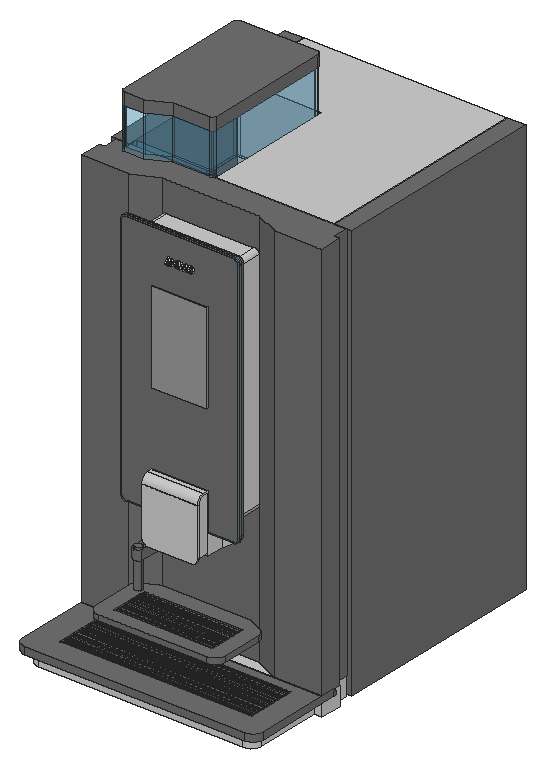
Revit family "QF_Animo_OPTIBEANTOUCH", category Specialty Equipment, Revit 2014
Parameters (values of type "19004906")
  URL = ""
  Show Clearance [instance] = yes
  Model = ""
  Manufacturer = ""
  Description = ""
  Assembly Code = "E1090320"
Types (2, lengths in mm): name | URL | Model | Manufacturer | Description
  19004906 | "" | "" | "" | ""
  1004906 | "www.animo.eu" | "1004906.000000000000" | "ANIMO" | "OPTIBEAN 3 TOUCH INSTANT COFFEE VENDING MACHINE"
Reference planes
  plane 1 "Back": y = 0
  plane 2: z = 0
  plane 3 "Left": x = 0
  plane 4 "Right": x = 402
  plane 5 "Front": y = -565
  plane 6 "Top": z = 703.685
Forms (mm)
  Extrusion 1, solid
    sketch origin (-500, 0, 0) x (1, 0, 0) y (0, 1, 0)
      loop
        line (500, -390.191) -> (500, -425.191) -> (579.446, -425.191) -> (619.2, -406.011) -> (781.2, -406.011) -> (822.554, -425.191) -> (902, -425.191) -> (902, -390.191) -> (899.784, -387.975) -> (894.784, -387.975) -> (892.8, -385.991) -> (892.8, -362.601) -> (509.2, -362.601) -> (509.2, -385.991) -> (507.216, -387.975) -> (502.216, -387.975) -> (500, -390.191)
    from 34.648 to 703.685
  Extrusion 2, solid
    sketch origin (-498.603, 0, 0) x (1, 0, 0) y (0, 1, 0)
      loop
        line (529.403, -362.4) -> (529.403, 0) -> (498.603, 0) -> (498.603, -362.4) -> (529.403, -362.4)
      loop
        line (900.603, -362.4) -> (900.603, 0) -> (869.803, 0) -> (869.803, -362.4) -> (900.603, -362.4)
    from 7.785 to 703.685
  Extrusion 3, solid
    sketch origin (-498.603, 0, 0) x (1, 0, 0) y (0, 1, 0)
      loop
        line (529.403, 0) -> (529.403, -140) -> (672.603, -140) -> (672.603, -362.1) -> (869.803, -362.1) -> (869.803, 0) -> (529.403, 0)
    from 703.685 to 75.731
  Extrusion 4, solid
    sketch origin (-498.603, -3.434, 0) x (1, 0, 0) y (0, 1, 0)
      loop
        arc (671.824, -143.963) -> (669.92, -139.365) -> (665.322, -137.461) r 6.502
        line (665.322, -137.461) -> (536.997, -137.461)
        arc (536.997, -137.461) -> (532.399, -139.365) -> (530.495, -143.963) r 6.502
        line (530.495, -143.963) -> (530.495, -351.665)
        arc (530.495, -351.665) -> (532.399, -356.262) -> (536.997, -358.167) r 6.502
        line (536.997, -358.167) -> (665.322, -358.167)
        arc (665.322, -358.167) -> (669.92, -356.262) -> (671.824, -351.665) r 6.502
        line (671.824, -351.665) -> (671.824, -143.963)
      loop
        arc (536.997, -142.461) -> (535.935, -142.901) -> (535.495, -143.963) r 1.502
        line (535.495, -143.963) -> (535.495, -351.665)
        arc (535.495, -351.665) -> (535.935, -352.727) -> (536.997, -353.167) r 1.502
        line (536.997, -353.167) -> (665.322, -353.167)
        arc (665.322, -353.167) -> (666.384, -352.727) -> (666.824, -351.665) r 1.502
        line (666.824, -351.665) -> (666.824, -143.963)
        arc (666.824, -143.963) -> (666.384, -142.901) -> (665.322, -142.461) r 1.502
        line (665.322, -142.461) -> (536.997, -142.461)
    from 703.685 to 591.789
  Extrusion 5, solid
    sketch origin (-498.603, -3.434, 703.685) x (1, 0, 0) y (0, 1, 0)
      loop
        arc (671.824, -143.963) -> (669.92, -139.365) -> (665.322, -137.461) r 6.502
        line (665.322, -137.461) -> (536.997, -137.461)
        arc (536.997, -137.461) -> (532.399, -139.365) -> (530.495, -143.963) r 6.502
        line (530.495, -143.963) -> (530.495, -374.06)
        arc (530.495, -374.06) -> (532.399, -378.657) -> (536.997, -380.562) r 6.502
        line (536.997, -380.562) -> (570.005, -380.562) -> (604.145, -363.167) -> (665.322, -363.167)
        arc (665.322, -363.167) -> (669.92, -361.262) -> (671.824, -356.665) r 6.502
        line (671.824, -356.665) -> (671.824, -143.963)
      loop
        arc (536.997, -142.461) -> (535.935, -142.901) -> (535.495, -143.963) r 1.502
        line (535.495, -143.963) -> (535.495, -351.665)
        arc (535.495, -351.665) -> (535.935, -352.727) -> (536.997, -353.167) r 1.502
        line (536.997, -353.167) -> (665.322, -353.167)
        arc (665.322, -353.167) -> (666.384, -352.727) -> (666.824, -351.665) r 1.502
        line (666.824, -351.665) -> (666.824, -143.963)
        arc (666.824, -143.963) -> (666.384, -142.901) -> (665.322, -142.461) r 1.502
        line (665.322, -142.461) -> (536.997, -142.461)
    from 0 to 5
  Extrusion 6, solid
    sketch origin (-498.603, -3.434, 708.685) x (1, 0, 0) y (0, 1, 0)
      loop
        arc (671.824, -143.963) -> (669.92, -139.365) -> (665.322, -137.461) r 6.502
        line (665.322, -137.461) -> (536.997, -137.461)
        arc (536.997, -137.461) -> (532.399, -139.365) -> (530.495, -143.963) r 6.502
        line (530.495, -143.963) -> (530.495, -374.06)
        arc (530.495, -374.06) -> (532.399, -378.657) -> (536.997, -380.562) r 6.502
        line (536.997, -380.562) -> (570.005, -380.562) -> (604.145, -363.167) -> (665.322, -363.167)
        arc (665.322, -363.167) -> (669.92, -361.262) -> (671.824, -356.665) r 6.502
        line (671.824, -356.665) -> (671.824, -143.963)
      loop
        arc (536.997, -142.461) -> (535.935, -142.901) -> (535.495, -143.963) r 1.502
        line (535.495, -143.963) -> (535.495, -374.06)
        arc (535.495, -374.06) -> (535.935, -375.122) -> (536.997, -375.562) r 1.502
        line (536.997, -375.562) -> (568.805, -375.562) -> (602.945, -358.167) -> (665.322, -358.167)
        arc (665.322, -358.167) -> (666.384, -357.727) -> (666.824, -356.665) r 1.502
        line (666.824, -356.665) -> (666.824, -143.963)
        arc (666.824, -143.963) -> (666.384, -142.901) -> (665.322, -142.461) r 1.502
        line (665.322, -142.461) -> (536.997, -142.461)
    from 0 to 65.1
  Extrusion 7, solid
    sketch origin (-498.603, -3.434, 773.785) x (1, 0, 0) y (0, 1, 0)
      loop
        arc (671.824, -143.963) -> (669.92, -139.365) -> (665.322, -137.461) r 6.502
        line (665.322, -137.461) -> (536.997, -137.461)
        arc (536.997, -137.461) -> (532.399, -139.365) -> (530.495, -143.963) r 6.502
        line (530.495, -143.963) -> (530.495, -374.06)
        arc (530.495, -374.06) -> (532.399, -378.657) -> (536.997, -380.562) r 6.502
        line (536.997, -380.562) -> (570.005, -380.562) -> (604.145, -363.167) -> (665.322, -363.167)
        arc (665.322, -363.167) -> (669.92, -361.262) -> (671.824, -356.665) r 6.502
        line (671.824, -356.665) -> (671.824, -143.963)
    from 0 to 20
  Extrusion 8, solid
    sketch origin (-500, 0, 0) x (1, 0, 0) y (0, 0, 1)
      loop
        line (773.2, 652.585) -> (627.2, 652.585)
        arc (627.2, 652.585) -> (621.543, 650.242) -> (619.2, 644.585) r 8
        line (619.2, 644.585) -> (619.2, 270.585)
        arc (619.2, 270.585) -> (621.543, 264.928) -> (627.2, 262.585) r 8
        line (627.2, 262.585) -> (773.2, 262.585)
        arc (773.2, 262.585) -> (778.857, 264.928) -> (781.2, 270.585) r 8
        line (781.2, 270.585) -> (781.2, 644.585)
        arc (781.2, 644.585) -> (778.857, 650.242) -> (773.2, 652.585) r 8
    from 406.011 to 459.991
  Extrusion 9, solid
    sketch origin (-500, 0, 0) x (1, 0, 0) y (0, 1, 0)
      loop
        line (753.079, -406.011) -> (647.321, -406.011) -> (647.321, -420.491) -> (653.093, -442.034) -> (653.574, -469.58) -> (746.826, -469.58) -> (747.307, -442.034) -> (753.079, -420.491) -> (753.079, -406.011)
    from 210.236 to 306.931
  Extrusion 10, solid
    sketch origin (-500, -489.133, -0.533) x (1, 0, 0) y (0, 0, 1)
      loop
        line (653.574, 295.466) -> (653.574, 214.245)
        arc (653.574, 214.245) -> (656.508, 207.162) -> (663.591, 204.228) r 10.017
        line (663.591, 204.228) -> (736.809, 204.228)
        arc (736.809, 204.228) -> (743.892, 207.162) -> (746.826, 214.245) r 10.017
        line (746.826, 214.245) -> (746.826, 295.466) -> (653.574, 295.466)
    from 0 to 2
  Extrusion 11, solid
    sketch origin (-500, 0, -0.533) x (0, 1, 0) y (0, 0, 1)
      loop
        arc (-479.135, 307.464) -> (-487.619, 303.95) -> (-491.133, 295.466) r 11.998
        line (-491.133, 295.466) -> (-489.133, 295.466)
        arc (-489.133, 295.466) -> (-486.205, 302.536) -> (-479.135, 305.464) r 9.998
        line (-479.135, 305.464) -> (-469.58, 305.464) -> (-469.58, 307.464) -> (-479.135, 307.464)
    from 653.574 to 746.826
  Extrusion 12, solid
    sketch origin (0, 0, 0) x (0, 1, 0) y (0, 0, 1)
      loop
        line (-489.133, 214.245) -> (-469.58, 214.245) -> (-469.58, 304.931) -> (-479.135, 304.931)
        arc (-479.135, 304.931) -> (-486.205, 302.002) -> (-489.133, 294.932) r 9.998
        line (-489.133, 294.932) -> (-489.133, 214.245)
    from 246.467 to 153.574
  Extrusion 13, solid
    sketch origin (-500, 0, 0) x (1, 0, 0) y (0, 0, 1)
      loop
        arc (610.2, 669.585) -> (605.25, 667.535) -> (603.2, 662.585) r 7
        line (603.2, 662.585) -> (603.2, 252.585)
        arc (603.2, 252.585) -> (605.25, 247.636) -> (610.2, 245.585) r 7
        line (610.2, 245.585) -> (654.259, 245.585) -> (654.259, 307.464) -> (746.141, 307.464) -> (746.141, 245.585) -> (790.2, 245.585)
        arc (790.2, 245.585) -> (795.15, 247.636) -> (797.2, 252.585) r 7
        line (797.2, 252.585) -> (797.2, 662.585)
        arc (797.2, 662.585) -> (795.15, 667.535) -> (790.2, 669.585) r 7
        line (790.2, 669.585) -> (610.2, 669.585)
    from 459.991 to 469.566
  Extrusion 14, solid
    sketch origin (-500, -120, 0) x (1, 0, 0) y (0, 0, 1)
      loop
        line (610.2, 669.585) -> (790.2, 669.585)
        arc (790.2, 669.585) -> (795.15, 667.535) -> (797.2, 662.585) r 7
        line (797.2, 662.585) -> (797.2, 252.585)
        arc (797.2, 252.585) -> (795.15, 247.636) -> (790.2, 245.585) r 7
        line (790.2, 245.585) -> (746.141, 245.585) -> (746.141, 242.585) -> (790.2, 242.585)
        arc (790.2, 242.585) -> (797.271, 245.514) -> (800.2, 252.585) r 10
        line (800.2, 252.585) -> (800.2, 662.585)
        arc (800.2, 662.585) -> (797.271, 669.656) -> (790.2, 672.585) r 10
        line (790.2, 672.585) -> (610.2, 672.585)
        arc (610.2, 672.585) -> (603.129, 669.656) -> (600.2, 662.585) r 10
        line (600.2, 662.585) -> (600.2, 252.585)
        arc (600.2, 252.585) -> (603.129, 245.514) -> (610.2, 242.585) r 10
        line (610.2, 242.585) -> (654.259, 242.585) -> (654.259, 245.585) -> (610.2, 245.585)
        arc (610.2, 245.585) -> (605.25, 247.636) -> (603.2, 252.585) r 7
        line (603.2, 252.585) -> (603.2, 662.585)
        arc (603.2, 662.585) -> (605.25, 667.535) -> (610.2, 669.585) r 7
    from 345 to 349.566
  Extrusion 15, solid
    sketch origin (-500, -469.566, 0) x (1, 0, 0) y (0, 0, 1)
      loop
        line (654.7, 582.585) -> (654.7, 430.585) -> (745.7, 430.585) -> (745.7, 582.585) -> (654.7, 582.585)
    from 0 to 2
  Extrusion 16, solid, visible <- "Show Clearance"
    sketch origin (-500, -469.566, 0) x (1, 0, 0) y (0, 0, 1)
      loop
        line (676.45, 623.922) -> (677.642, 623.922) -> (681.258, 631.675) -> (684.681, 623.922) -> (686.065, 623.922) -> (681.258, 635.2) -> (676.45, 623.922)
      loop
        line (686.987, 623.922) -> (688.064, 623.922) -> (688.064, 630.993) -> (695.136, 623.922) -> (696.273, 623.922) -> (696.273, 634.164) -> (695.136, 634.164) -> (695.136, 625.946) -> (686.987, 634.095) -> (686.987, 623.922)
      loop
        line (698.118, 634.164) -> (698.118, 623.922) -> (699.253, 623.922) -> (699.253, 634.164) -> (698.118, 634.164)
      loop
        line (700.762, 623.922) -> (701.883, 623.922) -> (703.255, 631.701) -> (706.885, 623.186) -> (710.143, 630.829) -> (711.571, 623.922) -> (712.691, 623.922) -> (710.574, 634.164) -> (709.453, 634.164) -> (706.622, 627.522) -> (703.689, 634.164) -> (702.568, 634.164) -> (700.762, 623.922)
      loop
        circle (718.601, 629.021) r 5.143
      loop
        circle (718.601, 629.021) r 4.034
      loop
        circle (681.032, 623.922) r 1.435
    from 0 to 2
  Extrusion 17, solid
    sketch origin (-500, 0, 0) x (1, 0, 0) y (0, 1, 0)
      loop
        line (598.815, -416.144) -> (598.454, -439.586)
        arc (598.454, -439.586) -> (605.409, -447.747) -> (614.569, -442.173) r 8.265
        line (614.569, -442.173) -> (615.157, -408.524) -> (598.815, -416.144)
    from 145 to 160.101
  Extrusion 18, solid
    sketch origin (-500, 0, 0) x (1, 0, 0) y (0, 1, 0)
      loop
        circle (606.4, -439.772) r 6.186
    from 41.241 to 162.271
  Extrusion 19, solid
    sketch origin (-500, 0, -102.5) x (1, 0, 0) y (0, 1, 0)
      loop
        line (598.815, -416.144) -> (598.454, -439.586)
        arc (598.454, -439.586) -> (605.409, -447.747) -> (614.569, -442.173) r 8.265
        line (614.569, -442.173) -> (615.157, -408.524) -> (598.815, -416.144)
    from 145 to 160.101
  Extrusion 20, solid
    sketch origin (-500, 0, 0) x (1, 0, 0) y (0, 1, 0)
      loop
        line (592.478, -439.964) -> (592.478, -509.772)
        arc (592.478, -509.772) -> (597.523, -521.95) -> (609.7, -526.994) r 17.222
        line (609.7, -526.994) -> (790.7, -526.994)
        arc (790.7, -526.994) -> (802.877, -521.95) -> (807.922, -509.772) r 17.222
        line (807.922, -509.772) -> (807.922, -439.964)
        arc (807.922, -439.964) -> (806.08, -433.09) -> (801.048, -428.058) r 13.747
        line (801.048, -428.058) -> (778.578, -417.099) -> (772.802, -415.551) -> (627.598, -415.551) -> (621.822, -417.099) -> (599.352, -428.058)
        arc (599.352, -428.058) -> (594.32, -433.09) -> (592.478, -439.964) r 13.747
      loop
        line (618.4, -441.798) -> (618.4, -505.747) -> (782, -505.747) -> (782, -441.798) -> (618.4, -441.798)
    from 90 to 99.2
  Extrusion 21, solid
    sketch origin (0, 0, 94.2) x (1, 0, 0) y (0, 1, 0)
      loop
        line (118.4, -501.78) -> (282, -501.78) -> (282, -499.28) -> (118.4, -499.28) -> (118.4, -501.78)
      loop
        line (118.4, -492.105) -> (282, -492.105) -> (282, -489.605) -> (118.4, -489.605) -> (118.4, -492.105)
      loop
        line (118.4, -496.943) -> (282, -496.943) -> (282, -494.443) -> (118.4, -494.443) -> (118.4, -496.943)
      loop
        line (118.4, -487.267) -> (282, -487.267) -> (282, -484.767) -> (118.4, -484.767) -> (118.4, -487.267)
      loop
        line (118.4, -482.429) -> (282, -482.429) -> (282, -479.929) -> (118.4, -479.929) -> (118.4, -482.429)
      loop
        line (118.4, -477.591) -> (282, -477.591) -> (282, -475.091) -> (118.4, -475.091) -> (118.4, -477.591)
      loop
        line (118.4, -472.437) -> (282, -472.437) -> (282, -469.937) -> (118.4, -469.937) -> (118.4, -472.437)
      loop
        line (118.4, -467.6) -> (282, -467.6) -> (282, -465.1) -> (118.4, -465.1) -> (118.4, -467.6)
      loop
        line (118.4, -462.762) -> (282, -462.762) -> (282, -460.262) -> (118.4, -460.262) -> (118.4, -462.762)
      loop
        line (118.4, -457.924) -> (282, -457.924) -> (282, -455.424) -> (118.4, -455.424) -> (118.4, -457.924)
      loop
        line (118.4, -453.086) -> (282, -453.086) -> (282, -450.586) -> (118.4, -450.586) -> (118.4, -453.086)
      loop
        line (118.4, -448.248) -> (282, -448.248) -> (282, -445.748) -> (118.4, -445.748) -> (118.4, -448.248)
    from 0 to 5
  Extrusion 22, solid
    sketch origin (0, 0, 0) x (1, 0, 0) y (0, 1, 0)
      loop
        circle (106.4, -439.772) r 12.086
    from 90 to 69.831
  Extrusion 23, solid
    sketch origin (-500, -38.006, 0) x (1, 0, 0) y (0, 1, 0)
      loop
        line (500, -361.874) -> (500, -509.772)
        arc (500, -509.772) -> (505.044, -521.95) -> (517.222, -526.994) r 17.222
        line (517.222, -526.994) -> (884.778, -526.994)
        arc (884.778, -526.994) -> (896.956, -521.95) -> (902, -509.772) r 17.222
        line (902, -509.772) -> (902, -361.874)
        arc (902, -361.874) -> (900.158, -355.001) -> (895.126, -349.969) r 13.747
        line (895.126, -349.969) -> (506.874, -349.969)
        arc (506.874, -349.969) -> (501.842, -355.001) -> (500, -361.874) r 13.747
      loop
        line (544.388, -403.239) -> (544.388, -487.294) -> (862.872, -487.294) -> (862.872, -403.239) -> (544.388, -403.239)
    from 34.648 to 23.5
  Extrusion 24, solid
    sketch origin (-74.012, -19.553, 29.648) x (1, 0, 0) y (0, 1, 0)
      loop
        line (118.4, -503.78) -> (436.883, -503.78) -> (436.883, -501.28) -> (118.4, -501.28) -> (118.4, -503.78)
      loop
        line (118.4, -494.105) -> (436.883, -494.105) -> (436.883, -491.605) -> (118.4, -491.605) -> (118.4, -494.105)
      loop
        line (118.4, -498.943) -> (436.883, -498.943) -> (436.883, -496.443) -> (118.4, -496.443) -> (118.4, -498.943)
      loop
        line (118.4, -489.267) -> (436.883, -489.267) -> (436.883, -486.767) -> (118.4, -486.767) -> (118.4, -489.267)
      loop
        line (118.4, -484.429) -> (436.883, -484.429) -> (436.883, -481.929) -> (118.4, -481.929) -> (118.4, -484.429)
      loop
        line (118.4, -479.591) -> (436.883, -479.591) -> (436.883, -477.091) -> (118.4, -477.091) -> (118.4, -479.591)
      loop
        line (118.4, -474.437) -> (436.883, -474.437) -> (436.883, -471.937) -> (118.4, -471.937) -> (118.4, -474.437)
      loop
        line (118.4, -469.6) -> (436.883, -469.6) -> (436.883, -467.1) -> (118.4, -467.1) -> (118.4, -469.6)
      loop
        line (118.4, -464.762) -> (436.883, -464.762) -> (436.883, -462.262) -> (118.4, -462.262) -> (118.4, -464.762)
      loop
        line (118.4, -459.924) -> (436.883, -459.924) -> (436.883, -457.424) -> (118.4, -457.424) -> (118.4, -459.924)
      loop
        line (118.4, -455.086) -> (436.883, -455.086) -> (436.883, -452.586) -> (118.4, -452.586) -> (118.4, -455.086)
      loop
        line (118.4, -450.248) -> (436.883, -450.248) -> (436.883, -447.748) -> (118.4, -447.748) -> (118.4, -450.248)
      loop
        line (118.4, -445.41) -> (436.883, -445.41) -> (436.883, -442.91) -> (118.4, -442.91) -> (118.4, -445.41)
      loop
        line (118.4, -440.573) -> (436.883, -440.573) -> (436.883, -438.073) -> (118.4, -438.073) -> (118.4, -440.573)
      loop
        line (118.4, -435.735) -> (436.883, -435.735) -> (436.883, -433.235) -> (118.4, -433.235) -> (118.4, -435.735)
      loop
        line (118.4, -430.897) -> (436.883, -430.897) -> (436.883, -428.397) -> (118.4, -428.397) -> (118.4, -430.897)
      loop
        line (118.4, -426.059) -> (436.883, -426.059) -> (436.883, -423.559) -> (118.4, -423.559) -> (118.4, -426.059)
    from 0 to 5
  Extrusion 25, solid
    sketch origin (-497.903, 0, 0) x (1, 0, 0) y (0, 1, 0)
      loop
        line (529.103, -0.8) -> (529.103, -395.25) -> (869.103, -395.25) -> (869.103, -0.8) -> (529.103, -0.8)
    from 3 to 75.731
  Extrusion 26, solid
    sketch origin (-500, 0, 0) x (1, 0, 0) y (0, 1, 0)
      loop
        line (501.7, -425.291) -> (901.7, -425.291) -> (901.7, -388.641) -> (892.481, -388.641) -> (892.481, -363.291) -> (510.919, -363.291) -> (510.919, -388.641) -> (501.7, -388.641) -> (501.7, -425.291)
    from 3 to 34.648
  Extrusion 27, solid
    sketch origin (-500, 0, 0) x (1, 0, 0) y (0, 1, 0)
      loop
        line (512.05, -423.641) -> (512.05, -533.641)
        arc (512.05, -533.641) -> (517.228, -546.141) -> (529.728, -551.318) r 17.678
        line (529.728, -551.318) -> (871.056, -551.318)
        arc (871.056, -551.318) -> (883.556, -546.141) -> (888.734, -533.641) r 17.678
        line (888.734, -533.641) -> (888.734, -423.641) -> (512.05, -423.641)
    from 23.5 to 3.137
  Extrusion 28, solid
    sketch origin (-500, 2, 0) x (1, 0, 0) y (0, 0, 1)
      loop
        line (587.553, 66.635) -> (552.053, 66.635) -> (552.053, 39.135) -> (587.553, 39.135) -> (587.553, 66.635)
    from 0 to 2
  Extrusion 29, solid
    sketch origin (-512.434, 0, 0) x (1, 0, 0) y (0, 0, 1)
      loop
        circle (848.353, 53.685) r 13.35
      loop
        circle (848.353, 53.685) r 11.35
    from 15.25 to -18.59
  Extrusion 30, solid
    sketch origin (-500, 0, 0) x (1, 0, 0) y (0, 1, 0)
      loop
        circle (519.103, -49.802) r 7.302
      loop
        circle (519.103, -332.298) r 7.302
      loop
        circle (879.897, -49.802) r 7.302
      loop
        circle (879.897, -332.298) r 7.302
    from 0 to 7.785
Cuts and joins
  joined: Extrusion 4, Extrusion 5, Extrusion 6
  joined: Extrusion 8, Extrusion 9
Lines and regions (mm)
  symbolic lines, style "200-EquipBorder-2D"
    curve 1: line (0, 0, 0) -> (0, -362.4, 0)
    curve 2: line (0, -362.4, 0) -> (10, -362.4, 0)
    curve 3: line (10, -362.4, 0) -> (10, -387.4, 0)
    curve 4: line (10, -387.4, 0) -> (0, -387.4, 0)
    curve 5: line (0, -387.4, 0) -> (0, -425.191, 0)
    curve 6: line (0, -425.191, 0) -> (79.446, -425.191, 0)
    curve 7: line (79.446, -425.191, 0) -> (119.2, -406.011, 0)
    curve 8: line (119.2, -406.011, 0) -> (281.2, -406.011, 0)
    curve 9: line (281.2, -406.011, 0) -> (322.554, -425.191, 0)
    curve 10: line (322.554, -425.191, 0) -> (402, -425.191, 0)
    curve 11: line (402, -362.4, 0) -> (392, -362.4, 0)
    curve 12: line (392, -362.4, 0) -> (392, -387.4, 0)
    curve 13: line (392, -387.4, 0) -> (402, -387.4, 0)
    curve 14: line (402, -387.4, 0) -> (402, -425.191, 0)
    curve 15: line (99.323, -415.601, 0) -> (99.323, -428.072, 0)
    curve 16: line (115.167, -407.957, 0) -> (115.167, -420.345, 0)
    curve 17: line (115.167, -420.345, 0) -> (119.2, -418.016, 0)
    curve 18: line (0, -425.191, 0) -> (0, -547.778, 0)
    curve 19: arc (0, -547.778, 0) -> (5.044, -559.956, 0) -> (17.222, -565, 0) r 17.222
    curve 20: line (17.222, -565, 0) -> (384.778, -565, 0)
    curve 21: line (402, -425.191, 0) -> (402, -547.778, 0)
    curve 22: arc (402, -547.778, 0) -> (396.956, -559.956, 0) -> (384.778, -565, 0) r 17.222
    curve 23: arc (92.478, -439.966, 0) -> (94.312, -433.105, 0) -> (99.323, -428.072, 0) r 13.756
    curve 24: line (92.478, -439.966, 0) -> (92.478, -509.772, 0)
    curve 25: arc (92.478, -509.772, 0) -> (97.523, -521.95, 0) -> (109.7, -526.994, 0) r 17.222
    curve 26: line (109.7, -526.994, 0) -> (290.7, -526.994, 0)
    curve 27: arc (307.922, -439.966, 0) -> (305.825, -432.666, 0) -> (300.174, -427.592, 0) r 13.756
    curve 28: line (307.922, -439.966, 0) -> (307.922, -509.772, 0)
    curve 29: arc (307.922, -509.772, 0) -> (302.877, -521.95, 0) -> (290.7, -526.994, 0) r 17.222
    curve 30: line (281.2, -418.377, 0) -> (300.174, -427.592, 0)
    curve 42: line (402, 0, 0) -> (402, -362.4, 0)
    curve 43: line (119.2, -406.011, 0) -> (119.2, -459.991, 0)
    curve 44: line (103.2, -459.991, 0) -> (103.2, -464.778, 0)
    curve 45: line (100.2, -464.778, 0) -> (100.2, -469.566, 0)
    curve 46: line (100.2, -469.566, 0) -> (153.2, -469.566, 0)
    curve 47: line (153.2, -491.133, 0) -> (246.826, -491.133, 0)
    curve 48: line (246.826, -491.133, 0) -> (246.826, -469.58, 0)
    curve 49: line (246.826, -469.58, 0) -> (300.351, -469.58, 0)
    curve 50: line (300.351, -469.58, 0) -> (300.351, -465, 0)
    curve 51: line (300.351, -465, 0) -> (297.2, -465, 0)
    curve 52: line (297.2, -459.991, 0) -> (281.2, -459.991, 0)
    curve 58: line (119.2, -459.991, 0) -> (103.2, -459.991, 0)
    curve 59: line (100.2, -464.778, 0) -> (103.2, -464.778, 0)
    curve 60: line (297.2, -459.991, 0) -> (297.2, -465, 0)
    curve 61: line (281.2, -459.991, 0) -> (281.2, -406.011, 0)
    curve 62: line (153.2, -491.133, 0) -> (153.2, -469.566, 0)
    curve 65: line (0, 0, 0) -> (402, 0, 0)
    curve 66: line (349.269, 18.59, 0) -> (349.269, 0, 0)
    curve 67: line (349.269, 18.59, 0) -> (322.568, 18.59, 0)
    curve 68: line (322.568, 18.59, 0) -> (322.568, 0, 0)
  symbolic lines, style "200-EquipInternal-2D"
    curve 31: line (10, -362.4, 0) -> (30.8, -362.4, 0)
    curve 32: line (30.8, 0, 0) -> (30.8, -377.4, 0)
    curve 33: arc (30.8, -377.4, 0) -> (32.705, -381.999, 0) -> (37.304, -383.904, 0) r 6.504
    curve 34: line (37.304, -383.904, 0) -> (72.304, -383.904, 0)
    curve 35: line (72.304, -383.904, 0) -> (106.264, -366.601, 0)
    curve 36: line (106.264, -366.601, 0) -> (166.719, -366.601, 0)
    curve 37: arc (166.719, -366.601, 0) -> (171.317, -364.697, 0) -> (173.221, -360.099, 0) r 6.502
    curve 38: line (173.221, -360.099, 0) -> (173.221, -147.397, 0)
    curve 39: arc (173.221, -147.397, 0) -> (171.317, -142.8, 0) -> (166.719, -140.895, 0) r 6.502
    curve 40: line (166.719, -140.895, 0) -> (37.302, -140.895, 0)
    curve 41: arc (37.302, -140.895, 0) -> (32.704, -142.8, 0) -> (30.8, -147.397, 0) r 6.502
    curve 53: line (119.2, -459.991, 0) -> (281.2, -459.991, 0)
    curve 54: line (153.2, -469.566, 0) -> (246.808, -469.566, 0)
    curve 55: line (99.323, -428.072, 0) -> (99.323, -439.584, 0)
    curve 56: line (114.615, -439.584, 0) -> (115.167, -420.345, 0)
    curve 57: arc (114.615, -439.584, 0) -> (106.969, -447.23, 0) -> (99.323, -439.584, 0) r 7.646
    curve 63: line (392, -362.4, 0) -> (172.801, -362.4, 0)
    curve 64: line (371.2, 0, 0) -> (371.2, -362.4, 0)
Dimensions and locks
  aligned and locked: level to plane 2
Connectors
  electrical at (69.803, 0, 52.885)
    settings: on Extrusion 28, index 1, voltage 0 V, apparent load 0 VA, apparent load phase1 0 VA, apparent load phase2 0 VA, apparent load phase3 0 VA, power factor 1, load classification "Other", number of poles 1, system type 31, power factor state 1, is connector primary yes, connector utility no, sub classification motor no, connector description "Electrical Connection"
  piping at (335.919, 18.59, 53.685), diameter 20
    settings: on Extrusion 29, index 2, connector inside diameter 24", connector length 0 mm, flow factor 0, pipe flow 0.0 L/s, pressure drop 0.0 Pa, fitting loss kfactor 0, connector angle 0.00°, fixture units 0, engagement length 0 mm, angle of deflection 0.00°, flow configuration 0, flow direction 1, fitting loss method 0, system type 20, joint type 0, gender type 0, connector reference index -1, connector utility 0, adjustable connector no, is connector primary yes, connector description "Cold Water Connection"
